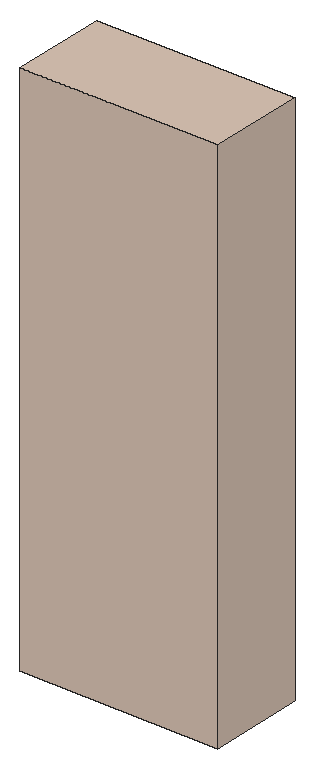
Revit family "Niche_NobleCompany_306", category Generic Models, host Wall, Revit 2015
Parameters (values of type "306 Narrow Arch Combo")
  Width = 0' - 8 1/4"
  URL = "www.noblecompany.com"
  Tile Thickness [instance] = 0' - 0 1/4"
  Thickness = 0' - 1 1/8"
  Specification = ""
  Sales Information = "http://noblecompany.com/contact/"
  Revision = "R1_09-2016"
  Product Properties = "http://noblecompany.com/products/noble-niches"
  Product Data = "http://www.arcat.com/arcatcos/cos34/arc34489.html"
  Niche Material = Acrylic Polymer Finish
  Model = "306"
  Manufacturer Website = "www.noblecompany.com"
  Manufacturer Phone - Toll Free = "800-878-5788"
  Manufacturer Phone = "231-799-8000"
  Manufacturer Fax = "231-799-8850"
  Manufacturer Address = "P. O. Box 350, Grand Haven, MI 49417-0350"
  Manufacturer = "Noble Company"
  Keynote = "10 28 00"
  Installation-Fabrication = "http://noblecompany.com/storage/docs/resources/NN062016-13_Noble_Niche_Installation_Instruction.pdf"
  Instal Height [instance] = 5' - 0"
  Height = 1' - 10 1/2"
  Drawn By = "Sumex Design - Robert S Weygant"
  Description = "306 Narrow Arch Combo Niche"
  Depth = 0' - 4"
  Copyright = "� 2016 ARCAT Inc."
  Construction Details = ""
  Assembly Code = "D2010700"
Reference planes (in)
  plane 1: y = 0
  plane 2 "Center (Left/Right)": x = 0
  plane 3 "Wall Edge": y = 3
  plane 4: x = -4.125
  plane 5: y = 2.75
  plane 6: y = -1.25
  plane 7: x = 4.125
  plane 8: z = 60
  plane 9: z = 37.5
  plane 10: x = -3
  plane 11: x = 3
  plane 12: y = -0.75
  plane 13: z = 38.75
  plane 14: z = 58.75
Forms (in)
  Extrusion 1, void
    sketch origin (0, 0, 0) x (1, 0, 0) y (0, 1, 0)
      loop
        line (-4.125, 2.75) -> (-4.125, -1.25) -> (4.125, -1.25) -> (4.125, 2.75) -> (-4.125, 2.75)
    from 37.5 to 60
  Extrusion 2, solid, material "Acrylic Polymer Finish" <- "Niche Material"
    sketch origin (0, 0, 0) x (1, 0, 0) y (0, 1, 0)
      loop
        line (-4.125, 2.75) -> (-4.125, -1.25) -> (4.125, -1.25) -> (4.125, 2.75) -> (-4.125, 2.75)
    from 37.5 to 60
  Extrusion 3, void
    sketch origin (0, 3, 0) x (1, 0, 0) y (0, 0, 1)
      loop
        line (3, 38.75) -> (3, 44.75) -> (-3, 44.75) -> (-3, 38.75) -> (3, 38.75)
      loop
        line (-3, 56.5) -> (-3, 46.5) -> (3, 46.5) -> (3, 56.5)
        arc (3, 56.5) -> (0, 58.75) -> (-3, 56.5) r 3.125
    from 0 to 3.75
Cuts and joins
  Extrusion 3 cuts Extrusion 2
Text (in)
  text "Placement Side" at (0, 40.15149, 123.01588), in view "Right"
  text "Placement Side" at (-105.78919, 39.84311, 0), in view "Ref. Level"
  text "Placement Side" at (0, 81.62555, 140.59947), in view "Left"
Dimensions and locks (in)
  host wall to plane 3 "Wall Edge" = 0' - 0"
  equal spacing: plane 4, plane 2 "Center (Left/Right)", plane 7
  "Width": plane 4 to plane 7
  "Depth": plane 5 to plane 6
  "Height": plane 9 to plane 8
  "Instal Height": level to plane 8
  locked: plane 12 to plane 6 at 0.5
  locked: plane 4 to plane 10 at 1.125
  locked: plane 11 to plane 7 at 1.125
  plane 14 to plane 8 = 0' - 1 1/4"
  locked: plane 9 to plane 13 at 1.25
  host wall to plane 5 = 0' - 0 1/4"
  "Tile Thickness": plane 5 to plane 3 "Wall Edge"
  locked: plane 13 to Extrusion 3 sketch curve at 6
  Extrusion 3 sketch curve to Extrusion 3 sketch curve = 0' - 1 3/4"
  aligned and locked: Extrusion 1 sketch curve to plane 5
  aligned and locked: plane 4 to Extrusion 1 sketch curve
  aligned and locked: plane 6 to Extrusion 1 sketch curve
  aligned and locked: plane 7 to Extrusion 1 sketch curve
  aligned and locked: plane 8 to Extrusion 1
  aligned and locked: Extrusion 1 to plane 9
  aligned and locked: Extrusion 2 sketch curve to plane 5
  aligned and locked: plane 4 to Extrusion 2 sketch curve
  aligned and locked: plane 6 to Extrusion 2 sketch curve
  aligned and locked: plane 7 to Extrusion 2 sketch curve
  aligned and locked: plane 8 to Extrusion 2
  aligned and locked: Extrusion 2 to plane 9
  aligned and locked: plane 11 to Extrusion 3 sketch curve
  aligned and locked: plane 10 to Extrusion 3 sketch curve
  aligned and locked: Extrusion 3 to plane 12
  aligned and locked: Extrusion 3 sketch curve to plane 13
  aligned and locked: Extrusion 3 to plane 3 "Wall Edge"
  aligned and locked: plane 3 "Wall Edge" to host wall
  aligned and locked: Extrusion 3 sketch curve to plane 11
  aligned and locked: Extrusion 3 sketch curve to plane 10
Automatic sketch dimensions
  Extrusion 3 sketch curve to plane 2 "Center (Left/Right)" = 0' - 0"
  Extrusion 3 sketch curve to plane 14 = 0' - 3 1/8"
  Extrusion 3 sketch curve to plane 14 = 0' - 2 1/4"
